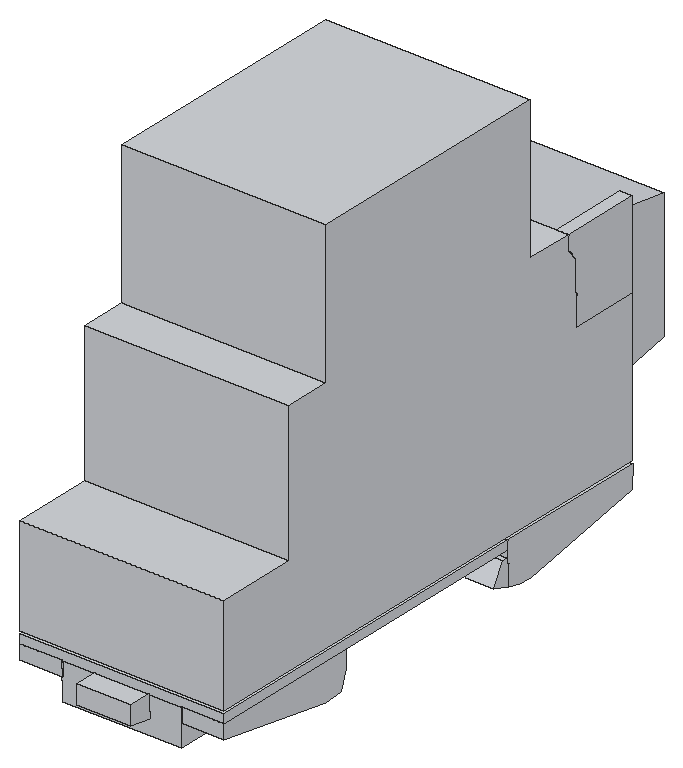
Revit family "Gira_216800", category Electrical Fixtures, host Face, Revit 2017
Family settings
  Host = Face
  Maintain Annotation Orientation = No
  Round Connector Dimension = Use Diameter
  Part Type = Normal
  Cut with Voids When Loaded = No
  Shared = No
  Room Calculation Point = No
Parameters (values of type "IP I/F KNX DRA")
  With label area = no
  URL = "https://www.gira.de/"
  Type of voltage (input voltage) = ""
  Type Comments = ""
  Transparent = no
  Surface protection = ""
  Surface finishing = ""
  Radio frequent bidirectional = no
  Number of inputs = 0
  Model = ""
  Material quality = ""
  Material = ""
  Manufacturer = "Gira"
  Keynote = ""
  Input voltage [Volt] = ""
  HeinzeBIM = "https://www.heinze.de/bim/ip-i-f-knx-dra/0970236d5dbcfd86767d418a7bd093ba7f5cd1af"
  HAN = "216800"
  GTIN = "4010337084457"
  Description = "IP I F DRA KNX KNX IP interface,DRA plus Features: - For coupling a PC to the KNX bus to address, program, or diagnose KNX components.,Notes : - Supply via external DC 24 V."
  Default Elevation = 1219.2 mm
  Cost = 0
  Colour = ""
  Bus connection included = no
  BIMSITE_PRODUCT_ID = "0970236d5dbcfd86767d418a7bd093ba7f5cd1af"
  BIM = "https://media.live.bim.site/t/eyJhbGciOiJIUzI1NiIsInR5cCI6IkpXVCJ9.eyJjdCI6MSwidGYiOiJwdWJsaWMvZ2lyYS8wOWY1ZGI1L0dpcmEgWDEgUkVHIEtOWC5yZmEiLCJjaWQiOiJmZWQ5OGU5YS0xYmQ4LTRjNjgtYTczYi03NGE5NGUzMTU4MjMiLCJyaWQiOiI0NDQ4MDVlYzhhOGY1YTgzYmY5YWM5ZWZjMDZhZDMwZCIsInBpZCI6IjA5NzAyMzZkNWRiY2ZkODY3NjdkNDE4YTdiZDA5M2JhN2Y1Y2QxYWYiLCJzaWQiOiI2MzQ3MCIsInV0Ijo1LCJsYyI6ImVuIiwiaWF0IjoxNjA3NDM3ODE1LCJpc3MiOiJodHRwczovL2FwaS5saXZlLmJpbS5zaXRlIiwic3ViIjoiOGQzYWE1Y2ItZTA2Ni00NTk4LWJlMTYtNmUxNmVlNzQ5NTZhIn0.OmMP-w4V0u-4YUL7RQL7bMnqESQChWHWn9-XQXHeHJE/Gira X1 REG KNX.rfa"
  Assembly Code = ""
Reference planes
  plane 1 "Center (Front/Back)": y = 0
  plane 2: z = 0
  plane 3 "Center (Left/Right)": x = 0
Forms (mm)
  Extrusion 1, solid, detail levels fine
    sketch origin (0, -0.2, 0) x (0, 1, 0) y (0, 0, 1)
      loop
        line (22.65, 43.82) -> (22.65, 68.77) -> (-22.25, 68.77) -> (-22.25, 43.82) -> (-30.4, 43.82) -> (-30.4, 19.42) -> (-44.8, 19.42) -> (-44.8, 1.97) -> (45.192, 1.97) -> (45.192, 28.47) -> (32.925, 28.47) -> (32.831, 39.259) -> (31.225, 41.242) -> (31.225, 43.82) -> (22.65, 43.82)
    from -17.95 to 17.95
  Extrusion 2, solid, detail levels fine
    sketch origin (0, -0.2, 0) x (0, 1, 0) y (0, 0, 1)
      loop
        line (45.192, 43.82) -> (31.225, 43.82) -> (31.225, 41.242) -> (32.831, 39.259) -> (32.925, 28.47) -> (45.192, 28.47) -> (45.192, 43.82)
    from -17.95 to -15.8
  Extrusion 3, solid, detail levels fine
    sketch origin (0, -0.2, 0) x (0, 1, 0) y (0, 0, -1)
      loop
        line (45.192, -43.82) -> (45.192, -28.47) -> (32.925, -28.47) -> (32.831, -39.259) -> (31.225, -41.242) -> (31.225, -43.82) -> (45.192, -43.82)
    from -17.95 to -15.8
  Extrusion 4, solid, detail levels fine
    sketch origin (0, -0.2, 0) x (0, 1, 0) y (0, 0, 1)
      loop
        line (31.5, 42.848) -> (31.5, 40.412)
        arc (31.5, 40.412) -> (38.359, 39.512) -> (45.192, 38.435) r 267
        line (45.192, 38.435) -> (45.192, 14.255)
        arc (45.192, 14.255) -> (50.205, 15.189) -> (55.2, 16.219) r 264.9
        line (55.2, 16.219) -> (55.2, 38.933)
        arc (55.2, 38.933) -> (43.394, 41.159) -> (31.5, 42.848) r 265
    from -15.506 to 15.5
  Extrusion 5, solid, detail levels fine
    sketch origin (0, -0.2, 0) x (0, 1, 0) y (0, 0, 1)
      loop
        line (45.2, 1.5) -> (17.774, 1.5) -> (17.905, -6.017)
        arc (17.905, -6.017) -> (20.285, -6.454) -> (22.7, -6.6) r 20
        arc (22.7, -6.6) -> (33.985, -5.009) -> (45.128, -2.618) r 160
        line (45.128, -2.618) -> (45.2, 1.5)
    from -17.95 to 18
  Extrusion 6, solid, detail levels fine
    sketch origin (0, -0.2, 0) x (0, 1, 0) y (0, 0, 1)
      loop
        line (17.905, -6.017) -> (17.824, -1.4) -> (16.8, -1.4) -> (14.749, -4.952)
        arc (14.749, -4.952) -> (16.305, -5.55) -> (17.905, -6.017) r 20
    from -17.95 to -13
  Extrusion 7, solid, detail levels fine
    sketch origin (0, -0.2, 0) x (0, 1, 0) y (0, 0, -1)
      loop
        arc (17.905, 6.017) -> (16.305, 5.55) -> (14.749, 4.952) r 20
        line (14.749, 4.952) -> (16.8, 1.4) -> (17.824, 1.4) -> (17.905, 6.017)
    from -17.95 to -13
  Extrusion 8, solid, detail levels fine
    sketch origin (0, -0.2, 0) x (0, 1, 0) y (0, 0, 1)
      loop
        line (17.8, 0) -> (17.774, 1.5) -> (-44.8, 1.5) -> (-44.774, 0) -> (17.8, 0)
    from -17.95 to 17.95
  Extrusion 9, solid, detail levels fine
    sketch origin (0, 0, 0) x (0, 1, 0) y (0, 0, 1)
      loop
        line (-48.916, -3.317) -> (-44.906, -3.881) -> (-44.974, 0) -> (-48.916, 0) -> (-48.916, -3.317)
    from -4.803 to 4.797
  Extrusion 10, solid, detail levels fine
    sketch origin (0, 0, 0) x (0, 1, 0) y (0, 0, 1)
      loop
        arc (-22.5, -6.6) -> (-20.811, -6.529) -> (-19.134, -6.315) r 20
        line (-19.134, -6.315) -> (-18.029, -3.279) -> (-18, 0) -> (-44.974, 0) -> (-44.928, -2.618)
        arc (-44.928, -2.618) -> (-33.785, -5.009) -> (-22.5, -6.6) r 160
    from -17.95 to -10.5
  Extrusion 11, solid, detail levels fine
    sketch origin (0, 0, 0) x (0, 1, 0) y (0, 0, -1)
      loop
        arc (-22.5, 6.6) -> (-33.785, 5.009) -> (-44.928, 2.618) r 160
        line (-44.928, 2.618) -> (-44.974, 0) -> (-18, 0) -> (-18.029, 3.279) -> (-19.134, 6.315)
        arc (-19.134, 6.315) -> (-20.811, 6.529) -> (-22.5, 6.6) r 20
    from -17.95 to -10.5
  Extrusion 12, solid, detail levels fine
    sketch origin (0, 0, 0) x (0, 1, 0) y (0, 0, 1)
      loop
        line (-30.708, -6.6) -> (-30.65, 0) -> (-44.974, 0) -> (-44.859, -6.6) -> (-30.708, -6.6)
    from -10.5 to 10.5
  Extrusion 13, solid, detail levels fine
    sketch origin (0, 0, 0) x (1, 0, 0) y (0, 1, 0)
      loop
        circle (-0.003, -20.023) r 1
    from -7.682 to 0
  Extrusion 14, solid, detail levels fine
    sketch origin (0, 0, 0) x (0, 1, 0) y (0, 0, 1)
      loop
        line (-17.523, -0.8) -> (-17.523, 0) -> (-30.65, 0) -> (-30.684, -3.9) -> (-27.106, -3.9) -> (-27.106, -5.6) -> (-19.623, -6.6) -> (-18.03, -6.6) -> (-15.023, -2.682) -> (-15.023, -1.517) -> (-17.523, -0.8)
    from -4.503 to 4.5
  Extrusion 15, solid, detail levels fine
    sketch origin (0, 0, 0) x (1, 0, 0) y (0, 1, 0)
      loop
        line (16.859, 43.848) -> (-16.859, 43.848) -> (-16.859, -43.859) -> (16.859, -43.859) -> (16.859, 43.848)
    from 1.5 to 4
  Extrusion 16, solid, detail levels medium
    sketch origin (0, 0, 0) x (0, 1, 0) y (0, 0, 1)
      loop
        line (22.45, 68.77) -> (-22.45, 68.77) -> (-22.45, 43.82) -> (-30.6, 43.82) -> (-30.6, 19.42) -> (-45, 19.42) -> (-45, 0) -> (-48.916, 0) -> (-48.916, -6.6) -> (-15.023, -6.6) -> (-15.023, 0) -> (14.549, 0) -> (14.549, -6.6) -> (44.992, -6.6) -> (44.992, 14.255)
        arc (44.992, 14.255) -> (50.005, 15.189) -> (55, 16.219) r 264.9
        line (55, 16.219) -> (55, 38.933)
        arc (55, 38.933) -> (50.005, 39.943) -> (44.992, 40.856) r 265
        line (44.992, 40.856) -> (44.992, 43.82) -> (22.45, 43.82) -> (22.45, 68.77)
    from -17.95 to 17.95
  Extrusion 17, solid, detail levels coarse
    sketch origin (0, 0, 0) x (1, 0, 0) y (0, 1, 0)
      loop
        line (-17.95, 55) -> (-17.95, -48.916) -> (17.95, -48.916) -> (17.95, 55) -> (-17.95, 55)
    from -7.682 to 68.77
Dimensions and locks
  aligned and locked: plane 2 to host face
  aligned and locked: level to host face
Connectors
  electrical at (0, -13.687, 0)
    settings: on Extrusion 8, index 1, voltage 24 V, apparent load 0 VA, apparent load phase1 0 VA, apparent load phase2 0 VA, apparent load phase3 0 VA, power factor 1, load classification "Other", number of poles 1, system type 30, power factor state 1, is connector primary yes, connector utility no, sub classification motor no, connector description ""
